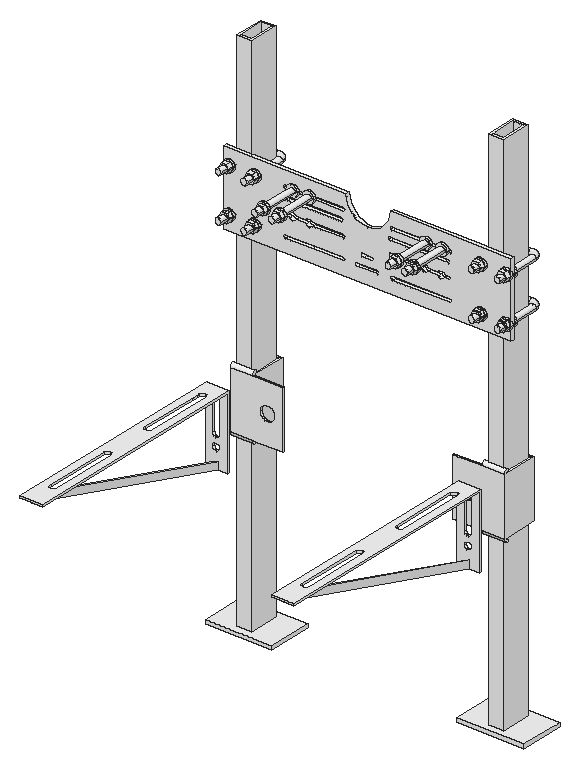
Revit family "Plumbing Fixture-Water_Closet_Carrier_Mifab_MC-34", category Plumbing Fixtures, host Face, Revit 2013
Parameters
  WFU = 0
  URL = "www.mifab.com"
  Model = "MC-34"
  Manufacturer = "MIFAB"
  Floor Drain Material = Paint - Sherwin Williams Paint - #952C2A - Bellwood Red
  Description = "Single Hanger Plate And Exposed Arm Lavatory Carrier With Two Uprights"
  Default Elevation = 0.000"
  Assembly Code = ""
Reference planes (in)
  plane 1 "Center (Front/Back)": y = 0
  plane 2: z = 0
  plane 3 "Center (Left/Right)": x = 0
Forms (in)
  Extrusion 1, solid, material "Paint - Sherwin Williams Paint - #952C2A - Bellwood Red" <- "Floor Drain Material"
    sketch origin (0, 0, 0.64334) x (1, 0, 0) y (0, 1, 0)
      loop
        line (-10.75, 1.5) -> (-10.75, -1.5) -> (-6.25, -1.5) -> (-6.25, 1.5) -> (-10.75, 1.5)
      loop
        line (10.75, 1.5) -> (6.25, 1.5) -> (6.25, -1.5) -> (10.75, -1.5) -> (10.75, 1.5)
    from -0.64334 to -0.39334
  Extrusion 2, solid, material "Paint - Sherwin Williams Paint - #952C2A - Bellwood Red" <- "Floor Drain Material"
    sketch origin (0, 0, -0.64334) x (1, 0, 0) y (0, 1, 0)
      loop
        line (-9, 1) -> (-9, -1) -> (-8, -1) -> (-8, 1) -> (-9, 1)
      loop
        line (9, 1) -> (8, 1) -> (8, -1) -> (9, -1) -> (9, 1)
      loop
        line (-8.875, 0.875) -> (-8.875, -0.875) -> (-8.125, -0.875) -> (-8.125, 0.875) -> (-8.875, 0.875)
      loop
        line (8.875, 0.875) -> (8.125, 0.875) -> (8.125, -0.875) -> (8.875, -0.875) -> (8.875, 0.875)
    from 0.89334 to 36.64334
  Extrusion 3, solid, material "Paint - Sherwin Williams Paint - #952C2A - Bellwood Red" <- "Floor Drain Material"
    sketch origin (0.04675, -1.5, -10) x (1, 0, 0) y (0, 0, 1)
      loop
        line (-9.75, 39.14334) -> (-9.75, 34.14334) -> (9.65649, 34.14334) -> (9.65649, 39.14334) -> (1.5, 39.14334)
        arc (1.5, 39.14334) -> (0, 37.64334) -> (-1.5, 39.14334) r 1.5
        line (-1.5, 39.14334) -> (-9.75, 39.14334)
      loop
        circle (9.37144, 38.14334) r 0.25
      loop
        circle (7.62856, 38.14334) r 0.25
      loop
        circle (-9.37144, 38.14334) r 0.25
      loop
        circle (-7.62856, 38.14334) r 0.25
      loop
        line (5.54399, 38.26834) -> (5.275, 38.26834) -> (1.66899, 38.26834)
        arc (1.66899, 38.26834) -> (1.54399, 38.14334) -> (1.66899, 38.01834) r 0.125
        line (1.66899, 38.01834) -> (5.27785, 38.01834) -> (5.54399, 38.01834)
        arc (5.54399, 38.01834) -> (5.66899, 38.14334) -> (5.54399, 38.26834) r 0.125
      loop
        arc (-5.54399, 38.26834) -> (-5.66899, 38.14334) -> (-5.54399, 38.01834) r 0.125
        line (-5.54399, 38.01834) -> (-5.27785, 38.01834) -> (-1.66899, 38.01834)
        arc (-1.66899, 38.01834) -> (-1.54399, 38.14334) -> (-1.66899, 38.26834) r 0.125
        line (-1.66899, 38.26834) -> (-5.275, 38.26834) -> (-5.54399, 38.26834)
      loop
        circle (9.37144, 35.14334) r 0.25
      loop
        circle (7.62856, 35.14334) r 0.25
      loop
        circle (-9.37144, 35.14334) r 0.25
      loop
        circle (-7.62856, 35.14334) r 0.25
      loop
        arc (5.54399, 35.01834) -> (5.66899, 35.14334) -> (5.54399, 35.26834) r 0.125
        line (5.54399, 35.26834) -> (1.66899, 35.26834)
        arc (1.66899, 35.26834) -> (1.54399, 35.14334) -> (1.66899, 35.01834) r 0.125
        line (1.66899, 35.01834) -> (5.54399, 35.01834)
      loop
        line (-5.54399, 35.01834) -> (-3.725, 35.01834) -> (-1.66899, 35.01834)
        arc (-1.66899, 35.01834) -> (-1.54399, 35.14334) -> (-1.66899, 35.26834) r 0.125
        line (-1.66899, 35.26834) -> (-3.72215, 35.26834) -> (-5.54399, 35.26834)
        arc (-5.54399, 35.26834) -> (-5.66899, 35.14334) -> (-5.54399, 35.01834) r 0.125
      loop
        arc (-5.54399, 36.64334) -> (-5.66899, 36.51834) -> (-5.54399, 36.39334) r 0.125
        line (-5.54399, 36.39334) -> (-5.27785, 36.39334)
        arc (-5.27785, 36.39334) -> (-5.05994, 36.26587) -> (-4.84203, 36.39334) r 0.25
        line (-4.84203, 36.39334) -> (-4.15797, 36.39334)
        arc (-4.15797, 36.39334) -> (-3.94006, 36.26587) -> (-3.72215, 36.39334) r 0.25
        line (-3.72215, 36.39334) -> (-1.66899, 36.39334)
        arc (-1.66899, 36.39334) -> (-1.54399, 36.51834) -> (-1.66899, 36.64334) r 0.125
        line (-1.66899, 36.64334) -> (-3.725, 36.64334)
        arc (-3.725, 36.64334) -> (-3.94006, 36.76587) -> (-4.15512, 36.64334) r 0.25
        line (-4.15512, 36.64334) -> (-4.84488, 36.64334)
        arc (-4.84488, 36.64334) -> (-5.05994, 36.76587) -> (-5.275, 36.64334) r 0.25
        line (-5.275, 36.64334) -> (-5.54399, 36.64334)
      loop
        line (5.41405, 37.625) -> (5.14506, 37.625) -> (1.53905, 37.625)
        arc (1.53905, 37.625) -> (1.41405, 37.5) -> (1.53905, 37.375) r 0.125
        line (1.53905, 37.375) -> (5.14791, 37.375) -> (5.41405, 37.375)
        arc (5.41405, 37.375) -> (5.53905, 37.5) -> (5.41405, 37.625) r 0.125
      loop
        arc (-5.67393, 37.625) -> (-5.79893, 37.5) -> (-5.67393, 37.375) r 0.125
        line (-5.67393, 37.375) -> (-5.40779, 37.375) -> (-1.79893, 37.375)
        arc (-1.79893, 37.375) -> (-1.67393, 37.5) -> (-1.79893, 37.625) r 0.125
        line (-1.79893, 37.625) -> (-5.40494, 37.625) -> (-5.67393, 37.625)
      loop
        line (5.45049, 36.64334) -> (5.1815, 36.64334)
        arc (5.1815, 36.64334) -> (4.96643, 36.76587) -> (4.75137, 36.64334) r 0.25
        line (4.75137, 36.64334) -> (4.06162, 36.64334)
        arc (4.06162, 36.64334) -> (3.84656, 36.76587) -> (3.63149, 36.64334) r 0.25
        line (3.63149, 36.64334) -> (1.57549, 36.64334)
        arc (1.57549, 36.64334) -> (1.45049, 36.51834) -> (1.57549, 36.39334) r 0.125
        line (1.57549, 36.39334) -> (3.62864, 36.39334)
        arc (3.62864, 36.39334) -> (3.84656, 36.26587) -> (4.06447, 36.39334) r 0.25
        line (4.06447, 36.39334) -> (4.74852, 36.39334)
        arc (4.74852, 36.39334) -> (4.96643, 36.26587) -> (5.18435, 36.39334) r 0.25
        line (5.18435, 36.39334) -> (5.45049, 36.39334)
        arc (5.45049, 36.39334) -> (5.57549, 36.51834) -> (5.45049, 36.64334) r 0.125
      loop
        arc (-0.70997, 35.26834) -> (-0.83497, 35.14334) -> (-0.70997, 35.01834) r 0.125
        line (-0.70997, 35.01834) -> (0.61647, 35.01834)
        arc (0.61647, 35.01834) -> (0.74147, 35.14334) -> (0.61647, 35.26834) r 0.125
        line (0.61647, 35.26834) -> (-0.70997, 35.26834)
      loop
        arc (-0.32934, 35.95824) -> (-0.45434, 35.83324) -> (-0.32934, 35.70824) r 0.125
        line (-0.32934, 35.70824) -> (0.23583, 35.70824)
        arc (0.23583, 35.70824) -> (0.36083, 35.83324) -> (0.23583, 35.95824) r 0.125
        line (0.23583, 35.95824) -> (-0.32934, 35.95824)
    from -0.5 to -0.25
  Sweep 4, solid, material "Paint - Sherwin Williams Paint - #952C2A - Bellwood Red" <- "Floor Drain Material"
    path origin (0.04675, 0, -9.51645) x (1, 0, 0) y (0, 1, 0)
      loop
        line (-9.37144, -2.1899) -> (-9.37144, 0.8101)
        arc (-9.37144, 0.8101) -> (-9.2426, 1.12116) -> (-8.93154, 1.25) r 0.4399
        line (-8.93154, 1.25) -> (-8.06846, 1.25)
        arc (-8.06846, 1.25) -> (-7.7574, 1.12116) -> (-7.62856, 0.8101) r 0.4399
        line (-7.62856, 0.8101) -> (-7.62856, -2.1899)
    profile origin (-9.32469, -0.6899, -9.51645) x (-1, 0, 0) y (0, 0, 1)
      loop
        circle (0, 37.63699) r 0.2
  Sweep 5, solid, material "Paint - Sherwin Williams Paint - #952C2A - Bellwood Red" <- "Floor Drain Material"
    path origin (0.05085, 0.11634, -9.50995) x (-1, 0, 0) y (0, 1, 0)
      loop
        line (-9.37144, -2.1899) -> (-9.37144, 0.8101)
        arc (-9.37144, 0.8101) -> (-9.2426, 1.12116) -> (-8.93154, 1.25) r 0.4399
        line (-8.93154, 1.25) -> (-8.06846, 1.25)
        arc (-8.06846, 1.25) -> (-7.7574, 1.12116) -> (-7.62856, 0.8101) r 0.4399
        line (-7.62856, 0.8101) -> (-7.62856, -2.1899)
    profile origin (9.42229, -0.57356, -9.50995) x (-1, 0, 0) y (0, 0, 1)
      loop
        circle (0, 37.63699) r 0.2
  Extrusion 6, solid, material "Paint - Sherwin Williams Paint - #952C2A - Bellwood Red" <- "Floor Drain Material"
    sketch origin (0.04675, 0, -8.12747) x (1, 0, 0) y (0, 0, 1)
      loop
        circle (-9.37144, 36.25) r 0.37861
      loop
        circle (-7.62856, 36.25) r 0.37861
      loop
        circle (7.62856, 36.25) r 0.37861
      loop
        circle (9.37144, 36.25) r 0.37861
    from 1.25 to 1.375
  Extrusion 7, solid, material "Paint - Sherwin Williams Paint - #952C2A - Bellwood Red" <- "Floor Drain Material"
    sketch origin (0.04675, -2.25, -8.12747) x (1, 0, 0) y (0, 0, -1)
      loop
        circle (-9.37144, -36.25) r 0.37861
      loop
        circle (-7.62856, -36.25) r 0.37861
      loop
        circle (7.62856, -36.25) r 0.37861
      loop
        circle (9.37144, -36.25) r 0.37861
    from 1.25 to 1.375
  Extrusion 8, solid, material "Paint - Sherwin Williams Paint - #952C2A - Bellwood Red" <- "Floor Drain Material"
    sketch origin (0.04675, 0, -9.5) x (1, 0, 0) y (0, 0, 1)
      loop
        circle (-3.94006, 37.62253) r 0.2
      loop
        circle (-5.05994, 37.62253) r 0.2
      loop
        circle (3.94006, 37.62253) r 0.2
      loop
        circle (5.05994, 37.62253) r 0.2
    from 0.73281 to 4.48435
  Extrusion 9, solid, material "Paint - Sherwin Williams Paint - #952C2A - Bellwood Red" <- "Floor Drain Material"
    sketch origin (4.35826, -2.4273, -11.05033) x (1, 0, 0) y (0, 0, 1)
      loop
        line (-9.19891, 39.47169) -> (-9.54397, 39.47169) -> (-9.7165, 39.17286) -> (-9.54397, 38.87403) -> (-9.19891, 38.87403) -> (-9.02638, 39.17286) -> (-9.19891, 39.47169)
      loop
        circle (-9.37144, 39.17286) r 0.2
      loop
        line (-8.07903, 39.47169) -> (-8.42409, 39.47169) -> (-8.59662, 39.17286) -> (-8.42409, 38.87403) -> (-8.07903, 38.87403) -> (-7.90651, 39.17286) -> (-8.07903, 39.47169)
      loop
        circle (-8.25156, 39.17286) r 0.2
      loop
        line (-0.19891, 39.47169) -> (-0.54397, 39.47169) -> (-0.7165, 39.17286) -> (-0.54397, 38.87403) -> (-0.19891, 38.87403) -> (-0.02638, 39.17286) -> (-0.19891, 39.47169)
      loop
        circle (-0.37144, 39.17286) r 0.2
      loop
        line (0.92097, 39.47169) -> (0.57591, 39.47169) -> (0.40338, 39.17286) -> (0.57591, 38.87403) -> (0.92097, 38.87403) -> (1.09349, 39.17286) -> (0.92097, 39.47169)
      loop
        circle (0.74844, 39.17286) r 0.2
    from 1.375 to 1.625
  Extrusion 10, solid, material "Paint - Sherwin Williams Paint - #952C2A - Bellwood Red" <- "Floor Drain Material"
    sketch origin (4.35826, 0, -11.05033) x (1, 0, 0) y (0, 0, 1)
      loop
        circle (-9.37144, 39.17286) r 0.37857
      loop
        circle (-8.25156, 39.17286) r 0.37857
      loop
        circle (-0.37144, 39.17286) r 0.37857
      loop
        circle (0.74844, 39.17286) r 0.37857
    from 1.25 to 1.375
  Extrusion 11, solid, material "Paint - Sherwin Williams Paint - #952C2A - Bellwood Red" <- "Floor Drain Material"
    sketch origin (4.35826, -2.43499, -11.05033) x (1, 0, 0) y (0, 0, 1)
      loop
        circle (-9.37144, 39.17286) r 0.37857
      loop
        circle (-8.25156, 39.17286) r 0.37857
      loop
        circle (-0.37144, 39.17286) r 0.37857
      loop
        circle (0.74844, 39.17286) r 0.37857
    from 1.25 to 1.375
  Extrusion 12, solid, material "Paint - Sherwin Williams Paint - #952C2A - Bellwood Red" <- "Floor Drain Material"
    sketch origin (0, 0, 0) x (1, 0, 0) y (0, 1, 0)
      loop
        line (-9.125, 1.125) -> (-9.125, -1.125) -> (-7.875, -1.125) -> (-7.875, 1.125) -> (-9.125, 1.125)
      loop
        line (-9.25, 1.25) -> (-9.25, -1.25) -> (-7.75, -1.25) -> (-7.75, 1.25) -> (-9.25, 1.25)
    from 15.9073 to 12
  Extrusion 13, solid, material "Paint - Sherwin Williams Paint - #952C2A - Bellwood Red" <- "Floor Drain Material"
    sketch origin (-9.25, 1.125, 0) x (0, 1, 0) y (0, 0, -1)
      loop
        arc (-2.375, -15.9073) -> (-2.30178, -16.08408) -> (-2.125, -16.1573) r 0.25
        line (-2.125, -16.1573) -> (-2.125, -16.0323)
        arc (-2.125, -16.0323) -> (-2.21339, -15.99569) -> (-2.25, -15.9073) r 0.125
        line (-2.25, -15.9073) -> (-2.375, -15.9073)
      loop
        arc (-2.25, -12) -> (-2.21339, -11.91161) -> (-2.125, -11.875) r 0.125
        line (-2.125, -11.875) -> (-2.125, -11.75)
        arc (-2.125, -11.75) -> (-2.30178, -11.82322) -> (-2.375, -12) r 0.25
        line (-2.375, -12) -> (-2.25, -12)
    from 0 to -1.5
  Extrusion 14, solid, material "Paint - Sherwin Williams Paint - #952C2A - Bellwood Red" <- "Floor Drain Material"
    sketch origin (-9.25, 1.125, 0) x (0, 1, 0) y (0, 0, -1)
      loop
        line (-20.125, -15.9073) -> (-4.375, -15.9073) -> (-4.375, -10.9073) -> (-4.5, -10.9073) -> (-4.5, -15.7823) -> (-20.125, -15.7823) -> (-20.125, -15.9073)
    from 0 to -1.5
  Extrusion 15, solid, material "Paint - Sherwin Williams Paint - #952C2A - Bellwood Red" <- "Floor Drain Material"
    sketch origin (0, 0, 0) x (0, 1, 0) y (0, 0, 1)
      loop
        line (-3.375, 10.9073) -> (-3.375, 11.43107) -> (-17.32125, 15.7823) -> (-19, 15.7823) -> (-3.375, 10.9073)
    from -8.5625 to -8.4373
  Extrusion 16, void
    sketch origin (-9.25, -8.56169, 15.9073) x (0, 1, 0) y (-1, 0, 0)
      loop
        arc (3.97373, -1) -> (4.22373, -0.75) -> (3.97373, -0.5) r 0.25
        line (3.97373, -0.5) -> (-0.52627, -0.5)
        arc (-0.52627, -0.5) -> (-0.77627, -0.75) -> (-0.52627, -1) r 0.25
        line (-0.52627, -1) -> (3.97373, -1)
      loop
        arc (-4.02627, -1) -> (-3.77627, -0.75) -> (-4.02627, -0.5) r 0.25
        line (-4.02627, -0.5) -> (-8.52627, -0.5)
        arc (-8.52627, -0.5) -> (-8.77627, -0.75) -> (-8.52627, -1) r 0.25
        line (-8.52627, -1) -> (-4.02627, -1)
    from 0 to -1.44113
  Extrusion 17, void
    sketch origin (-9.25, -3.375, 11.35516) x (0, 0, 1) y (-1, 0, 0)
      loop
        arc (3.7543, -1) -> (4.0043, -0.75) -> (3.7543, -0.5) r 0.25
        line (3.7543, -0.5) -> (1.7543, -0.5)
        arc (1.7543, -0.5) -> (1.5043, -0.75) -> (1.7543, -1) r 0.25
        line (1.7543, -1) -> (3.7543, -1)
      loop
        circle (0.92242, -0.75) r 0.25
    from 0 to -1.42074
  Extrusion 18, solid, material "Paint - Sherwin Williams Paint - #952C2A - Bellwood Red" <- "Floor Drain Material"
    sketch origin (-7.46335, -1.25, -0.21027) x (-1, 0, 0) y (0, 0, -1)
      loop
        line (0.28665, -16.11757) -> (0.28665, -12.21027) -> (-1.71335, -12.21027) -> (-1.71335, -16.11757) -> (0.28665, -16.11757)
      loop
        circle (-0.72676, -14.18494) r 0.5
    from 0 to -0.125
  Extrusion 19, solid, material "Paint - Sherwin Williams Paint - #952C2A - Bellwood Red" <- "Floor Drain Material"
    sketch origin (7.75, 1.125, 0) x (0, 1, 0) y (0, 0, -1)
      loop
        line (-20.125, -15.9073) -> (-4.375, -15.9073) -> (-4.375, -10.9073) -> (-4.5, -10.9073) -> (-4.5, -15.7823) -> (-20.125, -15.7823) -> (-20.125, -15.9073)
    from 0 to -1.5
  Extrusion 20, solid, material "Paint - Sherwin Williams Paint - #952C2A - Bellwood Red" <- "Floor Drain Material"
    sketch origin (17, 0, 0) x (0, 1, 0) y (0, 0, 1)
      loop
        line (-3.375, 10.9073) -> (-3.375, 11.43107) -> (-17.32125, 15.7823) -> (-19, 15.7823) -> (-3.375, 10.9073)
    from -8.5625 to -8.4373
  Extrusion 21, void
    sketch origin (7.75, -3.375, 11.35516) x (0, 0, 1) y (-1, 0, 0)
      loop
        arc (3.7543, -1) -> (4.0043, -0.75) -> (3.7543, -0.5) r 0.25
        line (3.7543, -0.5) -> (1.7543, -0.5)
        arc (1.7543, -0.5) -> (1.5043, -0.75) -> (1.7543, -1) r 0.25
        line (1.7543, -1) -> (3.7543, -1)
      loop
        circle (0.92242, -0.75) r 0.25
    from 0 to -1.42074
  Extrusion 22, void
    sketch origin (7.75, -8.56169, 15.9073) x (0, 1, 0) y (-1, 0, 0)
      loop
        arc (3.97373, -1) -> (4.22373, -0.75) -> (3.97373, -0.5) r 0.25
        line (3.97373, -0.5) -> (-0.52627, -0.5)
        arc (-0.52627, -0.5) -> (-0.77627, -0.75) -> (-0.52627, -1) r 0.25
        line (-0.52627, -1) -> (3.97373, -1)
      loop
        arc (-4.02627, -1) -> (-3.77627, -0.75) -> (-4.02627, -0.5) r 0.25
        line (-4.02627, -0.5) -> (-8.52627, -0.5)
        arc (-8.52627, -0.5) -> (-8.77627, -0.75) -> (-8.52627, -1) r 0.25
        line (-8.52627, -1) -> (-4.02627, -1)
    from 0 to -1.44113
  Extrusion 23, solid, material "Paint - Sherwin Williams Paint - #952C2A - Bellwood Red" <- "Floor Drain Material"
    sketch origin (7.46335, -1.25, -0.21027) x (1, 0, 0) y (0, 0, 1)
      loop
        line (0.28665, 16.11757) -> (-1.71335, 16.11757) -> (-1.71335, 12.21027) -> (0.28665, 12.21027) -> (0.28665, 16.11757)
      loop
        circle (-0.72676, 14.18494) r 0.5
    from 0 to -0.125
  Extrusion 24, solid, material "Paint - Sherwin Williams Paint - #952C2A - Bellwood Red" <- "Floor Drain Material"
    sketch origin (17, 0, 0) x (1, 0, 0) y (0, 1, 0)
      loop
        line (-9.125, 1.125) -> (-9.125, -1.125) -> (-7.875, -1.125) -> (-7.875, 1.125) -> (-9.125, 1.125)
      loop
        line (-9.25, 1.25) -> (-9.25, -1.25) -> (-7.75, -1.25) -> (-7.75, 1.25) -> (-9.25, 1.25)
    from 15.9073 to 12
  Extrusion 25, solid, material "Paint - Sherwin Williams Paint - #952C2A - Bellwood Red" <- "Floor Drain Material"
    sketch origin (7.75, 1.125, 0) x (0, 1, 0) y (0, 0, -1)
      loop
        arc (-2.375, -15.9073) -> (-2.30178, -16.08408) -> (-2.125, -16.1573) r 0.25
        line (-2.125, -16.1573) -> (-2.125, -16.0323)
        arc (-2.125, -16.0323) -> (-2.21339, -15.99569) -> (-2.25, -15.9073) r 0.125
        line (-2.25, -15.9073) -> (-2.375, -15.9073)
      loop
        arc (-2.25, -12) -> (-2.21339, -11.91161) -> (-2.125, -11.875) r 0.125
        line (-2.125, -11.875) -> (-2.125, -11.75)
        arc (-2.125, -11.75) -> (-2.30178, -11.82322) -> (-2.375, -12) r 0.25
        line (-2.375, -12) -> (-2.25, -12)
    from 0 to -1.5
  Extrusion 26, solid, material "Paint - Sherwin Williams Paint - #952C2A - Bellwood Red" <- "Floor Drain Material"
    sketch origin (0.04675, -1.375, -8.12747) x (1, 0, 0) y (0, 0, 1)
      loop
        circle (-7.62856, 36.24801) r 0.2
      loop
        circle (-9.37144, 36.24801) r 0.2
      loop
        arc (7.78817, 36.12876) -> (7.75015, 36.40608) -> (7.4721, 36.37376) r 0.2
        arc (7.4721, 36.37376) -> (7.51012, 36.09644) -> (7.78817, 36.12876) r 0.2
      loop
        line (-9.19891, 36.54684) -> (-9.54397, 36.54684) -> (-9.7165, 36.24801) -> (-9.54397, 35.94918) -> (-9.19891, 35.94918) -> (-9.02638, 36.24801) -> (-9.19891, 36.54684)
      loop
        line (-7.45603, 36.54684) -> (-7.80109, 36.54684) -> (-7.97362, 36.24801) -> (-7.80109, 35.94918) -> (-7.45603, 35.94918) -> (-7.2835, 36.24801) -> (-7.45603, 36.54684)
      loop
        circle (9.3705, 36.24801) r 0.2
      loop
        line (9.19797, 36.54684) -> (9.02544, 36.24801) -> (9.19797, 35.94918) -> (9.54303, 35.94918) -> (9.71556, 36.24801) -> (9.54303, 36.54684) -> (9.19797, 36.54684)
      loop
        line (7.45509, 36.54684) -> (7.28256, 36.24801) -> (7.45509, 35.94918) -> (7.80015, 35.94918) -> (7.97268, 36.24801) -> (7.80015, 36.54684) -> (7.45509, 36.54684)
    from 0 to 0.33241
  Sweep 27, solid, material "Paint - Sherwin Williams Paint - #952C2A - Bellwood Red" <- "Floor Drain Material"
    path origin (0.04675, 0, -12.51645) x (1, 0, 0) y (0, 1, 0)
      loop
        line (-9.37144, -2.1899) -> (-9.37144, 0.8101)
        arc (-9.37144, 0.8101) -> (-9.2426, 1.12116) -> (-8.93154, 1.25) r 0.4399
        line (-8.93154, 1.25) -> (-8.06846, 1.25)
        arc (-8.06846, 1.25) -> (-7.7574, 1.12116) -> (-7.62856, 0.8101) r 0.4399
        line (-7.62856, 0.8101) -> (-7.62856, -2.1899)
    profile origin (-9.32469, -0.6899, -12.51645) x (-1, 0, 0) y (0, 0, 1)
      loop
        circle (0, 37.63699) r 0.2
  Sweep 28, solid, material "Paint - Sherwin Williams Paint - #952C2A - Bellwood Red" <- "Floor Drain Material"
    path origin (0.05085, 0.11634, -12.50995) x (-1, 0, 0) y (0, 1, 0)
      loop
        line (-9.37144, -2.1899) -> (-9.37144, 0.8101)
        arc (-9.37144, 0.8101) -> (-9.2426, 1.12116) -> (-8.93154, 1.25) r 0.4399
        line (-8.93154, 1.25) -> (-8.06846, 1.25)
        arc (-8.06846, 1.25) -> (-7.7574, 1.12116) -> (-7.62856, 0.8101) r 0.4399
        line (-7.62856, 0.8101) -> (-7.62856, -2.1899)
    profile origin (9.42229, -0.57356, -12.50995) x (-1, 0, 0) y (0, 0, 1)
      loop
        circle (0, 37.63699) r 0.2
  Extrusion 29, solid, material "Paint - Sherwin Williams Paint - #952C2A - Bellwood Red" <- "Floor Drain Material"
    sketch origin (0.04675, 0, -11.12747) x (1, 0, 0) y (0, 0, 1)
      loop
        circle (-9.37144, 36.25) r 0.37861
      loop
        circle (-7.62856, 36.25) r 0.37861
      loop
        circle (7.62856, 36.25) r 0.37861
      loop
        circle (9.37144, 36.25) r 0.37861
    from 1.25 to 1.375
  Extrusion 30, solid, material "Paint - Sherwin Williams Paint - #952C2A - Bellwood Red" <- "Floor Drain Material"
    sketch origin (0.04675, -2.25, -11.12747) x (1, 0, 0) y (0, 0, -1)
      loop
        circle (-9.37144, -36.25) r 0.37861
      loop
        circle (-7.62856, -36.25) r 0.37861
      loop
        circle (7.62856, -36.25) r 0.37861
      loop
        circle (9.37144, -36.25) r 0.37861
    from 1.25 to 1.375
  Extrusion 31, solid, material "Paint - Sherwin Williams Paint - #952C2A - Bellwood Red" <- "Floor Drain Material"
    sketch origin (0.04675, 0, -11.12747) x (1, 0, 0) y (0, 0, 1)
      loop
        line (9.19891, 36.54883) -> (9.02638, 36.25) -> (9.19891, 35.95117) -> (9.54397, 35.95117) -> (9.7165, 36.25) -> (9.54397, 36.54883) -> (9.19891, 36.54883)
      loop
        line (7.45603, 36.54883) -> (7.2835, 36.25) -> (7.45603, 35.95117) -> (7.80109, 35.95117) -> (7.97362, 36.25) -> (7.80109, 36.54883) -> (7.45603, 36.54883)
      loop
        circle (9.37144, 36.25) r 0.2
      loop
        circle (7.62856, 36.25) r 0.2
      loop
        line (-9.19891, 36.54883) -> (-9.54397, 36.54883) -> (-9.7165, 36.25) -> (-9.54397, 35.95117) -> (-9.19891, 35.95117) -> (-9.02638, 36.25) -> (-9.19891, 36.54883)
      loop
        line (-7.45603, 36.54883) -> (-7.80109, 36.54883) -> (-7.97362, 36.25) -> (-7.80109, 35.95117) -> (-7.45603, 35.95117) -> (-7.2835, 36.25) -> (-7.45603, 36.54883)
      loop
        circle (-9.38944, 36.27126) r 0.2
      loop
        circle (-7.62856, 36.25) r 0.2
    from 1.375 to 1.625
  Extrusion 32, solid, material "Paint - Sherwin Williams Paint - #952C2A - Bellwood Red" <- "Floor Drain Material"
    sketch origin (0.04675, -1.375, -11.12747) x (1, 0, 0) y (0, 0, 1)
      loop
        circle (-7.62856, 36.24801) r 0.2
      loop
        circle (-9.37144, 36.24801) r 0.2
      loop
        arc (7.78817, 36.12876) -> (7.75015, 36.40608) -> (7.4721, 36.37376) r 0.2
        arc (7.4721, 36.37376) -> (7.51012, 36.09644) -> (7.78817, 36.12876) r 0.2
      loop
        line (-9.19891, 36.54684) -> (-9.54397, 36.54684) -> (-9.7165, 36.24801) -> (-9.54397, 35.94918) -> (-9.19891, 35.94918) -> (-9.02638, 36.24801) -> (-9.19891, 36.54684)
      loop
        line (-7.45603, 36.54684) -> (-7.80109, 36.54684) -> (-7.97362, 36.24801) -> (-7.80109, 35.94918) -> (-7.45603, 35.94918) -> (-7.2835, 36.24801) -> (-7.45603, 36.54684)
      loop
        circle (9.3705, 36.24801) r 0.2
      loop
        line (9.19797, 36.54684) -> (9.02544, 36.24801) -> (9.19797, 35.94918) -> (9.54303, 35.94918) -> (9.71556, 36.24801) -> (9.54303, 36.54684) -> (9.19797, 36.54684)
      loop
        line (7.45509, 36.54684) -> (7.28256, 36.24801) -> (7.45509, 35.94918) -> (7.80015, 35.94918) -> (7.97268, 36.24801) -> (7.80015, 36.54684) -> (7.45509, 36.54684)
    from 0 to 0.33241
Cuts and joins
  joined: Extrusion 1, Extrusion 2, Extrusion 3, Sweep 4, Sweep 5, Extrusion 8, Extrusion 9, Extrusion 11
  joined: Extrusion 12, Extrusion 13, Extrusion 18
  Extrusion 16, Extrusion 17, Extrusion 21, Extrusion 22 cuts Extrusion 14
  Extrusion 22 cuts Extrusion 15
  joined: Extrusion 14, Extrusion 15
  Extrusion 21, Extrusion 22 cuts Extrusion 19
  joined: Extrusion 19, Extrusion 20
  joined: Extrusion 23, Extrusion 24, Extrusion 25
Lines and regions (in)
  model lines
    curve 1: line (-8.5, 0, 16.1573) -> (-8.5, 0, 10.9073)
    curve 2: line (-8.5625, 0, 16.1573) -> (-8.5625, 0, 10.9073)
  reference lines
    curve 3: line (-8.4373, 0, 10.9073) -> (-8.4373, 0, 16.1573)
Dimensions and locks (in)
  Extrusion 3 sketch curve to Extrusion 3 sketch curve = 5.000"
  Extrusion 2 to plane 3 "Center (Left/Right)" to Extrusion 2 = 9.000" locked, 9.000" locked
  locked: Extrusion 12 sketch curve to Extrusion 12 sketch curve at 2.25
  locked: Extrusion 12 sketch curve to Extrusion 12 sketch curve at 1.25
  locked: cut or joined group of Extrusion 1, Extrusion 2, Extrusion 3, Sweep 4, Sweep 5, Extrusion 8, Extrusion 9, Extrusion 11 to Extrusion 12 sketch curve at 0.125
  locked: Extrusion 12 sketch curve to cut or joined group of Extrusion 1, Extrusion 2, Extrusion 3, Sweep 4, Sweep 5, Extrusion 8, Extrusion 9, Extrusion 11 at 0.125
  locked: Extrusion 12 sketch curve to Extrusion 12 sketch curve at 0.125  (x2)
  locked: Extrusion 12 sketch curve to Extrusion 12 sketch curve at 1.5
  Extrusion 12 sketch curve to Extrusion 12 sketch curve = 2.500"
  locked: Extrusion 14 sketch curve to Extrusion 14 sketch curve at 0.125  (x2)
  locked: Extrusion 14 sketch curve to Extrusion 14 sketch curve at 5
  cut or joined group of Extrusion 12, Extrusion 13, Extrusion 18 to Extrusion 14 sketch curve = 2.000"
  locked: Extrusion 14 sketch curve to Extrusion 14 sketch curve at 15.75
  Extrusion 15 sketch curve to Extrusion 15 sketch curve = 0.500"
  curve 2 to curve 1 = 0.0625"
  curve 1 to curve 3 = 0.0627"
  locked: Extrusion 16 sketch curve to Extrusion 14 at 0.75
  locked: Extrusion 19 sketch curve to Extrusion 19 sketch curve at 0.125  (x2)
  locked: Extrusion 19 sketch curve to Extrusion 19 sketch curve at 5
  locked: Extrusion 19 sketch curve to Extrusion 19 sketch curve at 15.75
  Extrusion 20 sketch curve to Extrusion 20 sketch curve = 0.500"
  locked: Extrusion 24 sketch curve to Extrusion 24 sketch curve at 2.25
  locked: Extrusion 24 sketch curve to Extrusion 24 sketch curve at 1.25
  locked: Extrusion 24 sketch curve to Extrusion 24 sketch curve at 0.125  (x2)
  locked: Extrusion 24 sketch curve to Extrusion 24 sketch curve at 1.5
  Extrusion 24 sketch curve to Extrusion 24 sketch curve = 2.500"
  radius of cut or joined group of Extrusion 14, Extrusion 15, Extrusion 16, Extrusion 17, Extrusion 21, Extrusion 22 = 0.250"  (x2)
  aligned and locked: plane 2 to host face
  aligned and locked: level to host face
  aligned and locked: Extrusion 2 to Extrusion 1
  aligned and locked: Extrusion 3 to Extrusion 2
  aligned and locked: Extrusion 6 to Extrusion 3
  aligned and locked: Extrusion 1 to level
  aligned and locked: Extrusion 14 sketch curve to cut or joined group of Extrusion 12, Extrusion 13, Extrusion 18
  aligned and locked: Extrusion 15 sketch curve to Extrusion 14  (x2)
  aligned and locked: Extrusion 14 to Extrusion 15 sketch curve  (x2)
  aligned and locked: Extrusion 18 to cut or joined group of Extrusion 12, Extrusion 13, Extrusion 18  (x3)
  aligned and locked: Extrusion 20 sketch curve to Extrusion 19  (x2)
  aligned and locked: Extrusion 19 to Extrusion 20 sketch curve  (x2)
  aligned and locked: cut or joined group of Extrusion 23, Extrusion 24, Extrusion 25 to cut or joined group of Extrusion 12, Extrusion 13, Extrusion 18
  aligned and locked: cut or joined group of Extrusion 19, Extrusion 20, Extrusion 21, Extrusion 22 to cut or joined group of Extrusion 23, Extrusion 24, Extrusion 25
  aligned and locked: cut or joined group of Extrusion 23, Extrusion 24, Extrusion 25 to cut or joined group of Extrusion 23, Extrusion 24, Extrusion 25
  aligned and locked: cut or joined group of Extrusion 14, Extrusion 15, Extrusion 16, Extrusion 17, Extrusion 21, Extrusion 22 to cut or joined group of Extrusion 14, Extrusion 15, Extrusion 16, Extrusion 17, Extrusion 21, Extrusion 22  (x2)
  aligned and locked: cut or joined group of Extrusion 19, Extrusion 20, Extrusion 21, Extrusion 22 to cut or joined group of Extrusion 19, Extrusion 20, Extrusion 21, Extrusion 22  (x2)
  aligned and locked: Extrusion 31 to Extrusion 29
